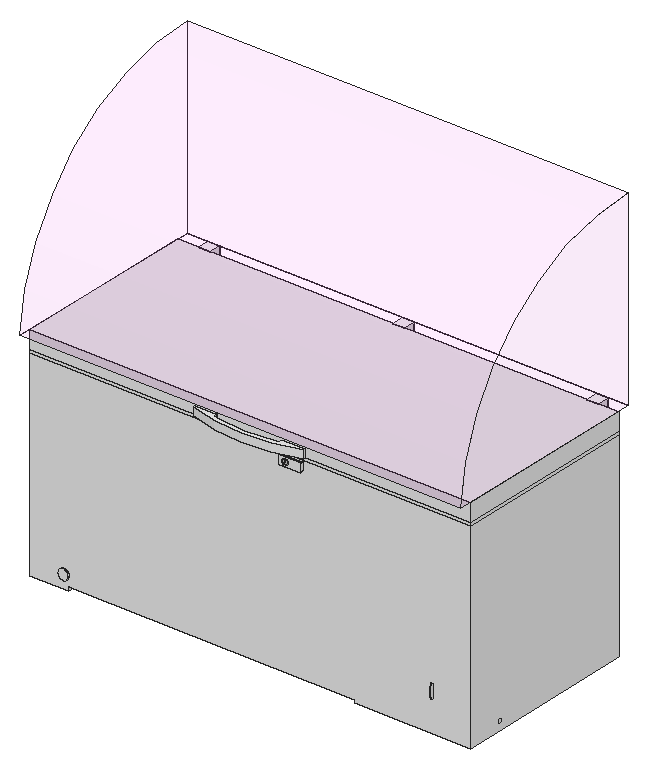
Revit family "Qf_Summit_SCFM183_17.2 Cu.Ft. Chest Freezer", category Specialty Equipment, Revit 2020
Family settings
  Round Connector Dimension = Use Diameter
  Part Type = Normal
  Work Plane-Based = No
  Always vertical = Yes
  Cut with Voids When Loaded = No
  Shared = No
  Room Calculation Point = No
Parameters
  Weight in Pounds = 170
  Watts = FL Amps * Volts  # 414 W
  Volts = 115 V
  URL Cutsheet = ""
  Specification by User = ""
  Specification by Manufacturer = ""
  Show Clearance [instance] = yes
  Show Casters [instance] = yes
  Serial Number = ""
  Seismic Rating = ""
  SMACNA No = ""
  Revision Code = ""
  Refrigerant Volume = 0.00 kip
  Refrigerant Type = "R290a"
  Phase = 1
  Number of Poles = 1
  NAFEM Spec ID Number = ""
  Model = "SCFM183"
  Min Ckt Ampacity = 0 A
  Max Overcurrent Protection = 0 A
  Masterspec = ""
  Manufacturer = "Summit"
  Length = 65 1/4"
  Item Number = ""
  Installed By = ""
  Indirect Waste Size = 0"
  Indirect Waste Flow = 0 GPM
  Indirect Waste Connection Type = ""
  Identify Quantity as Lot = yes
  Height = 32 1/2"
  HP = ""
  Furnished By = ""
  Foodservice Equipment Identifier = yes
  FL Amps = 3.6 A
  Electrical Remarks = ""
  Electric Connection Type = ""
  Elec Conn RI Height = 0"
  Elec Conn Connection Height = 0"
  Description = "17.2 Cu.Ft. Chest Freezer"
  Depth = 29 1/4"
  Default Elevation = 0"
  Cycle = 60 Hz
  Conn Plug = ""
  Conn Conduit = yes
  CSI MasterFormat = ""
  Base Height [instance] = 1/2"
  Apparent Power = 828 VA
Reference planes (in)
  plane 1: z = 0
  plane 2 "LEFT": x = 0
  plane 3 "RIGHT": x = 65.25
  plane 4 "FRONT": y = -30
  plane 5 "TOP": z = 32.5
  plane 6 "Center Y": x = 32.625
  plane 7 "Center X": y = -15.375
  plane 8 "BACK": y = -0.75
  plane 9: z = 29.5
  plane 10: z = 60.75
  plane 11: y = -31.75
  plane 12: y = -24.67613
  plane 13: z = 1.34882
  plane 14: z = 33.25
  plane 15: z = 0.5
  plane 16: x = 50.25
  plane 17: x = 62.75
  plane 18: x = 2.5
Dimensions and locks (in)
  equal spacing: plane 2 "LEFT", plane 6 "Center Y", plane 3 "RIGHT"
  "Length": plane 2 "LEFT" to plane 3 "RIGHT"
  equal spacing: plane 4 "FRONT", plane 7 "Center X", plane 8 "BACK"
  "Height": plane 5 "TOP" to level
  plane 3 "RIGHT" to plane 2 "LEFT" = 65 1/4"
  plane 5 "TOP" to level = 32 1/2"  (x2)
  "Depth": plane 4 "FRONT" to plane 8 "BACK"
  plane 10 to level = 60 3/4"
  plane 9 to level = 29 1/2"
  plane 10 to plane 14 = 27 1/2"
  plane 11 to plane 8 "BACK" = 31"
  "Base Height": plane 15 to level
  locked: plane 18 to plane 2 "LEFT" at 2.5
  plane 3 "RIGHT" to plane 17 to plane 16 = 2 1/2" locked, 12 1/2" locked
  aligned and locked: level to plane 1
  aligned and locked: plane 16 to nested 1
  aligned and locked: plane 16 to nested 2
  aligned and locked: plane 17 to nested 3
  aligned and locked: plane 17 to nested 4
  aligned and locked: plane 18 to nested 5
  aligned and locked: plane 18 to nested 6
  aligned and locked: plane 2 "LEFT" to nested 7
  aligned and locked: plane 7 "Center X" to nested 7
Nested families (in)
  nested 1: "Summit_CASTER" at (49.04688, -26.46875, 0), visible <- "Show Casters", type "Summit_CASTER"
  nested 2: "Summit_CASTER" at (49.04688, -2.84375, 0), visible <- "Show Casters", type "Summit_CASTER"
  nested 3: "Summit_CASTER" at (61.54688, -26.46875, 0), visible <- "Show Casters", type "Summit_CASTER"
  nested 4: "Summit_CASTER" at (61.54688, -2.84375, 0), visible <- "Show Casters", type "Summit_CASTER"
  nested 5: "Summit_CASTER" at (1.29688, -26.46875, 0), visible <- "Show Casters", type "Summit_CASTER"
  nested 6: "Summit_CASTER" at (1.29688, -2.84375, 0), visible <- "Show Casters", type "Summit_CASTER"
  nested 7: "Summit_SCFM183" at (0, 0, 0), type "Summit_SCFM183"
Connectors (in)
  electrical at (65.35446, -24.67613, 1.34882), driven by "Volts", driven by "Apparent Power"
    settings: on nested 7, index 1, voltage 115 V, apparent load 828 VA, apparent load phase1 0 VA, apparent load phase2 0 VA, apparent load phase3 0 VA, power factor 1, load classification "Other", number of poles 1, system type 30, power factor state 1, is connector primary yes, connector utility no, sub classification motor no, connector description "Electrical Inlet"
  piping at (5.12513, -30.15, 1.99284), diameter 1.5
    settings: on nested 7, index 2, connector inside diameter 24", connector length 0", flow factor 0, pipe flow 0 GPM, pressure drop 0.00 psi, fitting loss kfactor 0, connector angle 0.00°, fixture units 0, engagement length 0", angle of deflection 0.00°, flow configuration 1, flow direction 2, fitting loss method 0, system type 16, joint type 0, gender type 0, connector reference index -1, connector utility 0, adjustable connector no, is connector primary yes, connector description "Drain"
Definition of nested family "Summit_CASTER"
  Parameters (values of type "Summit_CASTER")
    Model = ""
    Manufacturer = ""
    Length = 2 13/32"
    Height = 1 1/2"
    Description = ""
    Depth = 1 5/32"
    Default Elevation = 0"
  Reference planes (in)
    plane 1: z = 0
    plane 2 "LEFT": x = 0
    plane 3 "RIGHT": x = 2.40625
    plane 4 "FRONT": y = -1.90625
    plane 5 "TOP": z = 1.5
    plane 6 "Center Y": x = 1.20312
    plane 7 "Center X": y = -1.32812
    plane 8 "BACK": y = -0.75
  Forms (in)
    Extrusion 1, solid
      sketch origin (-0.21921, -0.84282, 0) x (1, 0, 0) y (0, 0, 1)
        loop
          circle (1.41921, 0.525) r 0.41953
      from 0.10787 to 0.8889
    Extrusion 2, solid
      sketch origin (-0.21921, -0.84282, 0) x (1, 0, 0) y (0, 0, 1)
        loop
          line (0.21921, 1.5) -> (1.18845, 0.3333)
          arc (1.18845, 0.3333) -> (1.41921, 0.225) -> (1.64997, 0.3333) r 0.3
          line (1.64997, 0.3333) -> (2.61921, 1.5) -> (0.21921, 1.5)
      from 0 to 0.0625
    Extrusion 3, solid
      sketch origin (-0.21921, -0.84282, 0) x (1, 0, 0) y (0, 0, 1)
        loop
          line (0.37902, 1.425) -> (1.24614, 0.38122)
          arc (1.24614, 0.38122) -> (1.41921, 0.3) -> (1.59228, 0.38122) r 0.225
          line (1.59228, 0.38122) -> (2.4594, 1.425) -> (0.37902, 1.425)
      from 0 to -0.03188
    Extrusion 4, solid
      sketch origin (-0.21921, -0.84282, 0) x (1, 0, 0) y (0, 0, 1)
        loop
          circle (1.41921, 0.525) r 0.15
      from -0.08425 to 1.06343
    Extrusion 5, solid
      sketch origin (-0.21921, -0.84282, 0) x (1, 0, 0) y (0, 0, 1)
        loop
          line (0.21921, 1.5) -> (0.44642, 1.2265) -> (2.392, 1.2265) -> (2.61921, 1.5) -> (0.21921, 1.5)
      from 0.0625 to 0.92297
    Extrusion 6, solid
      sketch origin (-0.21921, -1.82829, 0) x (1, 0, 0) y (0, 0, -1)
        loop
          line (0.21921, -1.5) -> (2.61921, -1.5) -> (1.64997, -0.3333)
          arc (1.64997, -0.3333) -> (1.41921, -0.225) -> (1.18845, -0.3333) r 0.3
          line (1.18845, -0.3333) -> (0.21921, -1.5)
      from 0 to 0.0625
    Extrusion 7, solid
      sketch origin (-0.21921, -1.82829, 0) x (1, 0, 0) y (0, 0, -1)
        loop
          line (0.37902, -1.425) -> (2.4594, -1.425) -> (1.59228, -0.38122)
          arc (1.59228, -0.38122) -> (1.41921, -0.3) -> (1.24614, -0.38122) r 0.225
          line (1.24614, -0.38122) -> (0.37902, -1.425)
      from 0 to -0.03188
    Sweep 8, solid
      path origin (-0.21921, -0.84282, 0) x (1, 0, 0) y (0, 0, 1)
        loop
          circle (1.41921, 0.525) r 0.525
      profile origin (1.2, -0.84282, 1.05) x (0, 0, -1) y (0, -1, 0)
        loop
          arc (0, 0.21333) -> (0.03089, 0.13876) -> (0.10547, 0.10787) r 0.10547
          line (0.10547, 0.10787) -> (0.10547, 0.78104)
          arc (0.10547, 0.78104) -> (0.03089, 0.75014) -> (0, 0.67557) r 0.10547
          line (0, 0.67557) -> (0, 0.21333)
  Cuts and joins
    joined: Extrusion 1, Extrusion 2, Extrusion 3, Extrusion 4, Extrusion 5, Extrusion 6, Extrusion 7
  Lines and regions (in)
    symbolic lines
      curve 1: line (0, -0.84282, 0) -> (0.89366, -0.84282, 0)
      curve 2: line (0, -1.82829, 0) -> (0, -0.84282, 0)
      curve 3: line (2.4, -0.84282, 0) -> (2.4, -1.82829, 0)
      curve 4: line (0, -1.82829, 0) -> (0.89366, -1.82829, 0)
      curve 5: line (2.4, -0.84282, 0) -> (1.51259, -0.84282, 0)
      curve 6: line (2.4, -1.82829, 0) -> (1.51259, -1.82829, 0)
  Dimensions and locks (in)
    equal spacing: plane 2 "LEFT", plane 6 "Center Y", plane 3 "RIGHT"
    "Length": plane 2 "LEFT" to plane 3 "RIGHT"
    equal spacing: plane 4 "FRONT", plane 7 "Center X", plane 8 "BACK"
    "Height": plane 5 "TOP" to level
    plane 3 "RIGHT" to plane 2 "LEFT" = 2 13/32"
    plane 5 "TOP" to level = 1 1/2"
    "Depth": plane 4 "FRONT" to plane 8 "BACK"
    aligned and locked: level to plane 1
    aligned and locked: Extrusion 5 to Extrusion 2
  Automatic sketch dimensions
    Extrusion 1 sketch curve to plane 6 "Center Y" = 0.00313"
    level to Extrusion 1 sketch curve = 0.525"
    Extrusion 2 sketch curve to plane 2 "LEFT" = 0"
    Extrusion 2 sketch curve to plane 6 "Center Y" = 0.23388"
    Extrusion 2 sketch curve to plane 6 "Center Y" = 0.00313"
    plane 6 "Center Y" to Extrusion 2 sketch curve = 0.22763"
    plane 3 "RIGHT" to Extrusion 2 sketch curve = 0.00625"
    level to Extrusion 2 sketch curve = 0.3333"
    Extrusion 2 sketch curve to Extrusion 2 sketch curve = 0.1917"
    plane 2 "LEFT" to Extrusion 3 sketch curve = 0.15981"
    Extrusion 3 sketch curve to plane 6 "Center Y" = 0.17619"
    Extrusion 3 sketch curve to plane 6 "Center Y" = 0.00313"
    plane 6 "Center Y" to Extrusion 3 sketch curve = 0.16994"
    plane 3 "RIGHT" to Extrusion 3 sketch curve = 0.16606"
    level to Extrusion 3 sketch curve = 0.38122"
    Extrusion 3 sketch curve to Extrusion 3 sketch curve = 0.14378"
    Extrusion 4 sketch curve to plane 6 "Center Y" = 0.00313"
    level to Extrusion 4 sketch curve = 0.525"
    Extrusion 5 sketch curve to plane 2 "LEFT" = 0"
    plane 2 "LEFT" to Extrusion 5 sketch curve = 0.22721"
    plane 3 "RIGHT" to Extrusion 5 sketch curve = 0.23346"
    plane 3 "RIGHT" to Extrusion 5 sketch curve = 0.00625"
    Extrusion 6 sketch curve to plane 2 "LEFT" = 0"
    Extrusion 6 sketch curve to plane 6 "Center Y" = 0.23388"
    Extrusion 6 sketch curve to plane 6 "Center Y" = 0.00313"
    plane 6 "Center Y" to Extrusion 6 sketch curve = 0.22763"
    plane 3 "RIGHT" to Extrusion 6 sketch curve = 0.00625"
    level to Extrusion 6 sketch curve = 0.525"
    Extrusion 6 sketch curve to Extrusion 6 sketch curve = 0.1917"
    plane 2 "LEFT" to Extrusion 7 sketch curve = 0.15981"
    Extrusion 7 sketch curve to plane 6 "Center Y" = 0.17619"
    Extrusion 7 sketch curve to plane 6 "Center Y" = 0.00313"
    plane 6 "Center Y" to Extrusion 7 sketch curve = 0.16994"
    plane 3 "RIGHT" to Extrusion 7 sketch curve = 0.16606"
    level to Extrusion 7 sketch curve = 0.525"
    Extrusion 7 sketch curve to Extrusion 7 sketch curve = 0.14378"
    Sweep 8 sketch curve to Sweep 8 sketch curve = 0"  (x2)
    Sweep 8 sketch curve to plane 6 "Center Y" = 0.00313"
    level to Sweep 8 sketch curve = 0.525"
    Sweep 8 sketch curve to Sweep 8 sketch curve = 0.525"
    Sweep 8 sketch curve to profile plane = 0"
    Sweep 8 sketch curve to profile plane = 27/256"
    profile plane to Sweep 8 sketch curve = 0.10787"
    Sweep 8 sketch curve to Sweep 8 sketch curve = 0.46223"
    curve 1 to plane 2 "LEFT" = 0"
    plane 3 "RIGHT" to curve 5 = 0.00625"
    curve 4 to plane 4 "FRONT" = 0.07796"
    curve 6 to plane 4 "FRONT" = 0.07796"
    plane 8 "BACK" to curve 2 = 0.09282"
    plane 8 "BACK" to curve 5 = 0.09282"
    curve 1 to plane 6 "Center Y" = 0.30946"
    curve 4 to plane 6 "Center Y" = 0.30946"
    plane 6 "Center Y" to curve 5 = 0.30946"
    plane 6 "Center Y" to curve 6 = 0.30946"
    level to Extrusion 2 sketch curve = 1 1/2"
    Extrusion 3 sketch curve to Extrusion 3 sketch curve = 1.04378"
    level to Extrusion 5 sketch curve = 1.2265"
    Extrusion 5 sketch curve to Extrusion 5 sketch curve = 0.2735"
    level to Extrusion 6 sketch curve = 1 1/2"
    Extrusion 7 sketch curve to Extrusion 7 sketch curve = 1.04378"
    radius of Extrusion 1 sketch curve = 0.41953"
    radius of Extrusion 4 sketch curve = 0.15"
Definition of nested family "Summit_SCFM183"
  Parameters (values of type "Summit_SCFM183")
    Model = ""
    Manufacturer = ""
    Length = 65 1/4"
    Height = 32 1/2"
    Description = ""
    Depth = 29 1/4"
    Default Elevation = 0"
  Reference planes (in)
    plane 1: z = 0
    plane 2 "LEFT": x = 0
    plane 3 "RIGHT": x = 65.25
    plane 4 "FRONT": y = -30
    plane 5 "TOP": z = 32.5
    plane 6 "Center Y": x = 32.625
    plane 7 "Center X": y = -15.375
    plane 8 "BACK": y = -0.75
    plane 9: z = 29.5
    plane 10: z = 60.75
    plane 11: y = -31.75
    plane 12: y = -24.67613
    plane 13: z = 1.34882
    plane 14: z = 33.25
    plane 15: z = 29.875
  Forms (in)
    Extrusion 1, solid
      sketch origin (0, 0, 0) x (1, 0, 0) y (0, 1, 0)
        loop
          line (0, -2.5) -> (0, -30) -> (65.25, -30) -> (65.25, -2.5) -> (0, -2.5)
      from 0.5 to 29.875
    Extrusion 2, solid
      sketch origin (0, 0, 0) x (1, 0, 0) y (0, 1, 0)
        loop
          line (0, -2.5) -> (0, -30) -> (65.25, -30) -> (65.25, -2.5) -> (0, -2.5)
      from 29.5 to 32.5
    Extrusion 3, solid
      sketch origin (0, 0, 0) x (1, 0, 0) y (0, 1, 0)
        loop
          line (65.25, -30) -> (65.25, -2.5) -> (0, -2.5) -> (0, -30) -> (65.25, -30)
      from 29.875 to 29.5
    Extrusion 4, solid
      sketch origin (0.875, -0.75, 0) x (1, 0, 0) y (0, 0, 1)
        loop
          arc (39.52513, 27.99751) -> (39.59584, 28.0268) -> (39.62513, 28.09751) r 0.1
          line (39.62513, 28.09751) -> (39.62513, 29.15)
          arc (39.62513, 29.15) -> (39.59584, 29.22071) -> (39.52513, 29.25) r 0.1
          line (39.52513, 29.25) -> (36.47513, 29.25)
          arc (36.47513, 29.25) -> (36.40442, 29.22071) -> (36.37513, 29.15) r 0.1
          line (36.37513, 29.15) -> (36.37513, 28.09751)
          arc (36.37513, 28.09751) -> (36.40442, 28.0268) -> (36.47513, 27.99751) r 0.1
          line (36.47513, 27.99751) -> (39.52513, 27.99751)
        loop
          circle (37.25013, 28.625) r 0.4375
      from 29.25 to 29.64894
    Extrusion 5, solid
      sketch origin (23.88, -0.20959, 0) x (0, 1, 0) y (0, 0, 1)
        loop
          line (-0.54041, 32.5) -> (-0.54041, 60.74905)
          arc (-0.54041, 60.74905) -> (-21.69113, 52.82552) -> (-31.54041, 32.5) r 30.40335
          line (-31.54041, 32.5) -> (-0.54041, 32.5)
      from -23.88 to 41.37
    Extrusion 6, solid
      sketch origin (-5.25, 0, -1.09678) x (1, 0, 0) y (0, 1, 0)
        loop
          line (9.93599, -0.75) -> (8.31121, -0.75)
          arc (8.31121, -0.75) -> (8.26793, -0.76793) -> (8.25, -0.81121) r 0.06121
          line (8.25, -0.81121) -> (8.25, -2.5) -> (10, -2.5) -> (10, -0.81401)
          arc (10, -0.81401) -> (9.98125, -0.76875) -> (9.93599, -0.75) r 0.06401
      from 29.55196 to 33.59678
    Extrusion 7, solid
      sketch origin (0.875, -30.39733, -0.25) x (1, 0, 0) y (0, 0, 1)
        loop
          circle (37.25013, 28.875) r 0.4375
        loop
          line (37.21888, 29.09505) -> (37.21888, 28.76689) -> (37.28138, 28.76689) -> (37.28138, 29.09505) -> (37.21888, 29.09505)
      from 0 to -0.39733
    Extrusion 8, solid
      sketch origin (0, -3.75, -1.09678) x (1, 0, 0) y (0, 1, 0)
        loop
          line (24.5, -26.25) -> (24.5, -26.5)
          arc (24.5, -26.5) -> (32.625, -28) -> (40.75, -26.5) r 22.75521
          line (40.75, -26.5) -> (40.75, -26.25) -> (37.49893, -26.25) -> (37.49893, -26.41137)
          arc (37.49893, -26.41137) -> (37.35853, -26.79202) -> (37.0046, -26.99034) r 0.58621
          arc (37.0046, -26.99034) -> (32.625, -27.3357) -> (28.2454, -26.99034) r 27.94206
          arc (28.2454, -26.99034) -> (27.89147, -26.79202) -> (27.75107, -26.41137) r 0.58621
          line (27.75107, -26.41137) -> (27.75107, -26.25) -> (24.5, -26.25)
      from 30.97178 to 32.22178
    Extrusion 9, solid
      sketch origin (0, -0.75, 0) x (1, 0, 0) y (0, 0, 1)
        loop
          line (5.875, 0.5) -> (0, 0.5) -> (0, 0) -> (5.875, 0) -> (5.875, 0.5)
        loop
          line (48.1875, 0.5) -> (48.1875, 0) -> (65.25, 0) -> (65.25, 0.5) -> (48.1875, 0.5)
      from 1.75 to 29.25
    Extrusion 10, solid
      sketch origin (65.25, -2.5, 0) x (0, -1, 0) y (0, 0, -1)
        loop
          circle (22.17613, -1.34882) r 0.25
      from 0 to 0.10446
    Extrusion 11, solid
      sketch origin (-0.33103, -30, -0.27783) x (1, 0, 0) y (0, 0, 1)
        loop
          circle (5.45617, 2.27068) r 0.75
      from 0 to 0.15
    Extrusion 12, solid
      sketch origin (70.5, 0, -1.09678) x (-1, 0, 0) y (0, -1, 0)
        loop
          arc (9.93599, 0.75) -> (9.98125, 0.76875) -> (10, 0.81401) r 0.06401
          line (10, 0.81401) -> (10, 2.5) -> (8.25, 2.5) -> (8.25, 0.81121)
          arc (8.25, 0.81121) -> (8.26793, 0.76793) -> (8.31121, 0.75) r 0.06121
          line (8.31121, 0.75) -> (9.93599, 0.75)
      from 29.55196 to 33.59678
    Extrusion 13, solid
      sketch origin (41.75, 0, -1.09678) x (-1, 0, 0) y (0, -1, 0)
        loop
          arc (9.93599, 0.75) -> (9.98125, 0.76875) -> (10, 0.81401) r 0.06401
          line (10, 0.81401) -> (10, 2.5) -> (8.25, 2.5) -> (8.25, 0.81121)
          arc (8.25, 0.81121) -> (8.26793, 0.76793) -> (8.31121, 0.75) r 0.06121
          line (8.31121, 0.75) -> (9.93599, 0.75)
      from 29.55196 to 33.59678
    Extrusion 14, solid
      sketch origin (59.61581, -0.75, 6.50385) x (0, 0, -1) y (0, 1, 0)
        loop
          arc (-0.07053, -29.31729) -> (0.93483, -29.4942) -> (1.94323, -29.33554) r 3.10515
          line (1.94323, -29.33554) -> (1.94323, -29.25) -> (-0.07053, -29.25) -> (-0.07053, -29.31729)
      from 0 to -0.2014
  Cuts and joins
    joined: Extrusion 1, Extrusion 4, Extrusion 9, Extrusion 10, Extrusion 11
  Lines and regions (in)
    Split face 1
      outline origin (-0.1875, -30, 29.625) x (0, 0, -1) y (1, 0, 0)
        loop
          arc (22.65268, 55.67395) -> (22.69987, 55.56002) -> (22.8138, 55.51283) r 0.16112
          line (22.8138, 55.51283) -> (25.71388, 55.51283)
          arc (25.71388, 55.51283) -> (25.82781, 55.56002) -> (25.875, 55.67395) r 0.16112
          line (25.875, 55.67395) -> (25.875, 61.34468)
          arc (25.875, 61.34468) -> (25.82781, 61.45861) -> (25.71388, 61.5058) r 0.16112
          line (25.71388, 61.5058) -> (22.8138, 61.5058)
          arc (22.8138, 61.5058) -> (22.69987, 61.45861) -> (22.65268, 61.34468) r 0.16112
          line (22.65268, 61.34468) -> (22.65268, 55.67395)
    Split face 2
      outline origin (-0.1875, -30, 29.625) x (0, 0, -1) y (1, 0, 0)
        loop
          line (22.71518, 61.28218) -> (22.71518, 55.72202)
          arc (22.71518, 55.72202) -> (22.76237, 55.60809) -> (22.8763, 55.5609) r 0.16112
          line (22.8763, 55.5609) -> (25.65138, 55.5609)
          arc (25.65138, 55.5609) -> (25.76531, 55.60809) -> (25.8125, 55.72202) r 0.16112
          line (25.8125, 55.72202) -> (25.8125, 61.28218)
          arc (25.8125, 61.28218) -> (25.76531, 61.39611) -> (25.65138, 61.4433) r 0.16112
          line (25.65138, 61.4433) -> (22.8763, 61.4433)
          arc (22.8763, 61.4433) -> (22.76237, 61.39611) -> (22.71518, 61.28218) r 0.16112
    Split face 3
      outline origin (8.5, -30, 29.625) x (0, 0, -1) y (1, 0, 0)
        loop
          arc (23.55896, 47.59599) -> (23.35756, 47.3946) -> (23.55896, 47.1932) r 0.20139
          line (23.55896, 47.1932) -> (24.76733, 47.1932)
          arc (24.76733, 47.1932) -> (24.96872, 47.3946) -> (24.76733, 47.59599) r 0.20139
          line (24.76733, 47.59599) -> (23.55896, 47.59599)
    Split face 4
      outline origin (2.9375, -30, 29.625) x (0, 0, -1) y (1, 0, 0)
        loop
          arc (23.55896, 54.33936) -> (23.35756, 54.13797) -> (23.55896, 53.93657) r 0.2014
          line (23.55896, 53.93657) -> (24.76733, 53.93657)
          arc (24.76733, 53.93657) -> (24.96872, 54.13797) -> (24.76733, 54.33936) r 0.2014
          line (24.76733, 54.33936) -> (23.55896, 54.33936)
    Split face 5
      outline origin (-0.1875, -30, 29.625) x (0, 0, -1) y (1, 0, 0)
        loop
          line (23.55896, 58.04294) -> (24.76733, 58.04294)
          arc (24.76733, 58.04294) -> (24.96872, 58.24434) -> (24.76733, 58.44573) r 0.2014
          line (24.76733, 58.44573) -> (23.55896, 58.44573)
          arc (23.55896, 58.44573) -> (23.35756, 58.24434) -> (23.55896, 58.04294) r 0.2014
    Split face 6
      outline origin (-0.1875, -30, 29.625) x (0, 0, -1) y (1, 0, 0)
        loop
          circle (24.06244, 59.70274) r 1.00698
    Split face 7
      outline origin (-0.1875, -30, 29.625) x (0, 0, -1) y (1, 0, 0)
        loop
          circle (24.06244, 59.70274) r 0.95493
    symbolic lines
      curve 1: arc (23.88, -24.91355, 49.65434) -> (23.88, -29.52513, 41.95522) -> (23.88, -31.68803, 33.24517) r 30.40335
      curve 2: line (23.88, -0.75, 32.5) -> (23.88, -24.91355, 49.65434)
      curve 3: line (65.25, -30.00954, 0) -> (65.25, -2.5, 0)
      curve 4: line (65.25, -2.5, 0) -> (0, -2.5, 0)
      curve 5: line (0, -2.5, 0) -> (0, -30.00954, 0)
      curve 6: line (3, -0.8125, 0) -> (3, -2.43963, 0)
      curve 7: arc (3, -2.43963, 0) -> (3.01831, -2.48383, 0) -> (3.0625, -2.50213, 0) r 0.0625
      curve 8: line (3.0625, -2.50213, 0) -> (3.125, -2.50213, 0)
      curve 9: line (3.125, -2.50213, 0) -> (3.125, -0.75, 0)
      curve 10: line (3.125, -0.75, 0) -> (3.0625, -0.75, 0)
      curve 11: arc (3.0625, -0.75, 0) -> (3.01831, -0.76831, 0) -> (3, -0.8125, 0) r 0.0625
      curve 12: line (4.75, -2.43963, 0) -> (4.75, -0.8125, 0)
      curve 13: arc (4.75, -0.8125, 0) -> (4.73169, -0.76831, 0) -> (4.6875, -0.75, 0) r 0.0625
      curve 14: line (4.6875, -0.75, 0) -> (4.625, -0.75, 0)
      curve 15: line (4.625, -0.75, 0) -> (4.625, -2.50213, 0)
      curve 16: line (4.625, -2.50213, 0) -> (4.6875, -2.50213, 0)
      curve 17: arc (4.6875, -2.50213, 0) -> (4.73169, -2.48383, 0) -> (4.75, -2.43963, 0) r 0.0625
      curve 18: line (4.56099, -0.75, 0) -> (3.18621, -0.75, 0)
      curve 19: arc (3.18621, -0.75, 0) -> (3.14293, -0.76793, 0) -> (3.125, -0.81121, 0) r 0.06121
      curve 20: line (3.125, -0.81121, 0) -> (3.125, -2.43963, 0)
      curve 21: line (3.125, -2.43963, 0) -> (4.625, -2.43963, 0)
      curve 22: line (4.625, -2.43963, 0) -> (4.625, -0.81401, 0)
      curve 23: arc (4.625, -0.81401, 0) -> (4.60625, -0.76875, 0) -> (4.56099, -0.75, 0) r 0.06401
      curve 24: line (0, -30.00954, 0) -> (65.25, -30.00954, 0)
      curve 25: arc (37.29151, -30.65683, 0) -> (37.2958, -30.65167, 0) -> (37.29992, -30.64637, 0) r 0.2
      curve 26: line (40.75, -30.00954, 0) -> (40.75, -30.25, 0)
      curve 27: arc (24.5, -30.25, 0) -> (32.625, -31.75, 0) -> (40.75, -30.25, 0) r 22.75521
      curve 28: line (40.75, -30.25, 0) -> (40.75, -30, 0)
      curve 29: line (37.49893, -30, 0) -> (37.49893, -30.16137, 0)
      curve 30: arc (37.49893, -30.16137, 0) -> (37.35853, -30.54202, 0) -> (37.0046, -30.74034, 0) r 0.58621
      curve 31: arc (37.0046, -30.74034, 0) -> (32.625, -31.0857, 0) -> (28.2454, -30.74034, 0) r 27.94206
      curve 32: arc (28.2454, -30.74034, 0) -> (27.89147, -30.54202, 0) -> (27.75107, -30.16137, 0) r 0.58621
      curve 33: line (27.75107, -30.16137, 0) -> (27.75107, -30, 0)
      curve 34: line (24.5, -30, 0) -> (24.5, -30.25, 0)
      curve 35: line (33.5, -0.8125, 0) -> (33.5, -2.43963, 0)
      curve 36: arc (33.5, -2.43963, 0) -> (33.48169, -2.48383, 0) -> (33.4375, -2.50213, 0) r 0.0625
      curve 37: line (33.4375, -2.50213, 0) -> (33.375, -2.50213, 0)
      curve 38: line (33.375, -2.50213, 0) -> (33.375, -0.75, 0)
      curve 39: line (33.375, -0.75, 0) -> (33.4375, -0.75, 0)
      curve 40: arc (33.4375, -0.75, 0) -> (33.48169, -0.76831, 0) -> (33.5, -0.8125, 0) r 0.0625
      curve 41: line (31.75, -2.43963, 0) -> (31.75, -0.8125, 0)
      curve 42: arc (31.75, -0.8125, 0) -> (31.76831, -0.76831, 0) -> (31.8125, -0.75, 0) r 0.0625
      curve 43: line (31.8125, -0.75, 0) -> (31.875, -0.75, 0)
      curve 44: line (31.875, -0.75, 0) -> (31.875, -2.50213, 0)
      curve 45: line (31.875, -2.50213, 0) -> (31.8125, -2.50213, 0)
      curve 46: arc (31.8125, -2.50213, 0) -> (31.76831, -2.48383, 0) -> (31.75, -2.43963, 0) r 0.0625
      curve 47: line (31.93901, -0.75, 0) -> (33.31379, -0.75, 0)
      curve 48: arc (33.31379, -0.75, 0) -> (33.35707, -0.76793, 0) -> (33.375, -0.81121, 0) r 0.06121
      curve 49: line (33.375, -0.81121, 0) -> (33.375, -2.43963, 0)
      curve 50: line (33.375, -2.43963, 0) -> (31.875, -2.43963, 0)
      curve 51: line (31.875, -2.43963, 0) -> (31.875, -0.81401, 0)
      curve 52: arc (31.875, -0.81401, 0) -> (31.89375, -0.76875, 0) -> (31.93901, -0.75, 0) r 0.06401
      curve 53: line (62.25, -0.8125, 0) -> (62.25, -2.43963, 0)
      curve 54: arc (62.25, -2.43963, 0) -> (62.23169, -2.48383, 0) -> (62.1875, -2.50213, 0) r 0.0625
      curve 55: line (62.1875, -2.50213, 0) -> (62.125, -2.50213, 0)
      curve 56: line (62.125, -2.50213, 0) -> (62.125, -0.75, 0)
      curve 57: line (62.125, -0.75, 0) -> (62.1875, -0.75, 0)
      curve 58: arc (62.1875, -0.75, 0) -> (62.23169, -0.76831, 0) -> (62.25, -0.8125, 0) r 0.0625
      curve 59: line (60.5, -2.43963, 0) -> (60.5, -0.8125, 0)
      curve 60: arc (60.5, -0.8125, 0) -> (60.51831, -0.76831, 0) -> (60.5625, -0.75, 0) r 0.0625
      curve 61: line (60.5625, -0.75, 0) -> (60.625, -0.75, 0)
      curve 62: line (60.625, -0.75, 0) -> (60.625, -2.50213, 0)
      curve 63: line (60.625, -2.50213, 0) -> (60.5625, -2.50213, 0)
      curve 64: arc (60.5625, -2.50213, 0) -> (60.51831, -2.48383, 0) -> (60.5, -2.43963, 0) r 0.0625
      curve 65: line (60.68901, -0.75, 0) -> (62.06379, -0.75, 0)
      curve 66: arc (62.06379, -0.75, 0) -> (62.10707, -0.76793, 0) -> (62.125, -0.81121, 0) r 0.06121
      curve 67: line (62.125, -0.81121, 0) -> (62.125, -2.43963, 0)
      curve 68: line (62.125, -2.43963, 0) -> (60.625, -2.43963, 0)
      curve 69: line (60.625, -2.43963, 0) -> (60.625, -0.81401, 0)
      curve 70: arc (60.625, -0.81401, 0) -> (60.64375, -0.76875, 0) -> (60.68901, -0.75, 0) r 0.06401
  Dimensions and locks (in)
    equal spacing: plane 2 "LEFT", plane 6 "Center Y", plane 3 "RIGHT"
    "Length": plane 2 "LEFT" to plane 3 "RIGHT"
    equal spacing: plane 4 "FRONT", plane 7 "Center X", plane 8 "BACK"
    "Height": plane 5 "TOP" to level
    plane 3 "RIGHT" to plane 2 "LEFT" = 65 1/4"
    plane 5 "TOP" to level = 32 1/2"  (x2)
    "Depth": plane 4 "FRONT" to plane 8 "BACK"
    plane 10 to level = 60 3/4"
    plane 9 to level = 29 1/2"
    plane 10 to plane 14 = 27 1/2"
    plane 11 to plane 8 "BACK" = 31"
    Extrusion 2 to plane 4 "FRONT" = 27 1/2"
    aligned and locked: level to plane 1
    aligned and locked: Extrusion 2 to plane 5 "TOP"
    aligned and locked: Extrusion 5 to plane 2 "LEFT"
    aligned and locked: Extrusion 5 to plane 3 "RIGHT"
    aligned and locked: plane 4 "FRONT" to Extrusion 9
    aligned and locked: Extrusion 9 to cut or joined group of Extrusion 1, Extrusion 4, Extrusion 9, Extrusion 10, Extrusion 11
    aligned and locked: Extrusion 3 to plane 15
    aligned and locked: plane 9 to Extrusion 3
    aligned and locked: plane 9 to Extrusion 2
    aligned and locked: cut or joined group of Extrusion 1, Extrusion 4, Extrusion 9, Extrusion 10, Extrusion 11 to plane 15
    aligned and locked: curve 26 to Extrusion 8
    aligned and locked: Extrusion 3 to plane 3 "RIGHT"
  Automatic sketch dimensions
    curve 24 to plane 2 "LEFT" = 0"
    plane 8 "BACK" to curve 10 = 0"
    plane 8 "BACK" to curve 18 = 0"
    plane 8 "BACK" to curve 15 = 0"
    plane 4 "FRONT" to curve 33 = 0"
    plane 8 "BACK" to curve 42 = 0"
    plane 8 "BACK" to curve 52 = 0"
    curve 31 to plane 6 "Center Y" = 0"
    curve 27 to plane 6 "Center Y" = 0"
    plane 8 "BACK" to curve 38 = 0"
    plane 4 "FRONT" to curve 29 = 0"
    plane 8 "BACK" to curve 61 = 0"
    plane 8 "BACK" to curve 70 = 0"
    plane 8 "BACK" to curve 57 = 0"
    curve 4 to plane 3 "RIGHT" = 0"
    plane 4 "FRONT" to curve 34 = 0"
    plane 4 "FRONT" to curve 28 = 0"
    plane 8 "BACK" to curve 6 = 1.68963"
    curve 7 to curve 7 = 1/16"
    curve 11 to curve 11 = 1/16"
    curve 11 to curve 10 = 1/16"
    curve 20 to curve 8 = 0"
    curve 19 to curve 19 = 0.06121"
    plane 8 "BACK" to curve 23 = 0.06401"
    curve 19 to curve 23 = 1.37478"
    curve 16 to curve 21 = 0"
    curve 21 to curve 17 = 1/16"
    curve 14 to curve 14 = 1/16"
    curve 13 to curve 12 = 1/16"
    plane 4 "FRONT" to curve 33 = 0.16137"
    curve 32 to curve 32 = 0.58621"
    curve 41 to plane 6 "Center Y" = 7/8"
    curve 46 to curve 46 = 1/16"
    curve 41 to curve 43 = 1/16"
    curve 46 to curve 51 = 1/16"
    curve 42 to curve 44 = 1/16"
    curve 43 to curve 47 = 0.06401"
    plane 6 "Center Y" to curve 47 = 0.68879"
    plane 8 "BACK" to curve 49 = 0.06121"
    curve 38 to curve 48 = 0"
    curve 49 to curve 40 = 1/16"
    curve 37 to curve 37 = 1/16"
    curve 40 to curve 35 = 1/16"
    plane 4 "FRONT" to curve 30 = 0.16137"
    curve 30 to curve 25 = 0.22722"
    curve 30 to curve 29 = 0.58621"
    plane 3 "RIGHT" to curve 59 = 4 3/4"
    curve 60 to curve 61 = 1/16"
    curve 64 to curve 63 = 1/16"
    curve 64 to curve 68 = 1/16"
    curve 63 to curve 68 = 0"
    curve 61 to curve 65 = 0.06401"
    curve 65 to curve 65 = 1.37478"
    curve 65 to curve 57 = 0.06121"
    plane 8 "BACK" to curve 67 = 0.06121"
    curve 56 to curve 55 = 1/16"
    curve 56 to curve 57 = 1/16"
    curve 54 to curve 53 = 1/16"
    curve 28 to curve 28 = 1/4"
    curve 25 to curve 30 = 0.36497"
    plane 4 "FRONT" to curve 24 = 0.00954"
    plane 7 "Center X" to curve 27 = 6.38021"
    plane 8 "BACK" to curve 31 = 2.39363"
    curve 8 to curve 16 = 0"
    curve 55 to curve 58 = 1.68963"
    curve 31 to curve 45 = 0.6415"
    curve 62 to curve 55 = 0"
    curve 31 to curve 37 = 0.6415"
    plane 8 "BACK" to curve 5 = 1 3/4"
    curve 15 to curve 22 = 1/16"
    curve 62 to curve 69 = 1/16"
    curve 44 to curve 51 = 1/16"
    curve 31 to curve 32 = 0"
    curve 25 to curve 25 = 0.15157"
    curve 25 to curve 25 = 0.00841"
    curve 25 to curve 25 = 0.12002"
    Extrusion 1 sketch curve to plane 2 "LEFT" = 0"
    Extrusion 1 sketch curve to plane 3 "RIGHT" = 0"
    plane 4 "FRONT" to Extrusion 1 sketch curve = 0"
    plane 8 "BACK" to Extrusion 1 sketch curve = 1 3/4"
    Extrusion 2 sketch curve to plane 2 "LEFT" = 0"
    Extrusion 2 sketch curve to plane 3 "RIGHT" = 0"
    plane 4 "FRONT" to Extrusion 2 sketch curve = 0"
    plane 8 "BACK" to Extrusion 2 sketch curve = 1 3/4"
    plane 4 "FRONT" to Extrusion 3 sketch curve = 0"
    plane 8 "BACK" to Extrusion 3 sketch curve = 1 3/4"
    Extrusion 4 sketch curve to Extrusion 4 sketch curve = 0.1"  (x3)
    Extrusion 4 sketch curve to Extrusion 4 sketch curve = 0.775"
    plane 9 to Extrusion 4 sketch curve = 1.50249"
    plane 9 to Extrusion 4 sketch curve = 7/8"
    plane 9 to Extrusion 4 sketch curve = 0.35"
    Split face 1 sketch curve to cut or joined group of Extrusion 1, Extrusion 4, Extrusion 9, Extrusion 10, Extrusion 11 = 6.47232"
    Split face 1 sketch curve to Split face 1 sketch curve = 0.16112"  (x3)
    Split face 1 sketch curve to Split face 1 sketch curve = 2.90009"  (x2)
    Split face 1 sketch curve to cut or joined group of Extrusion 1, Extrusion 4, Extrusion 9, Extrusion 10, Extrusion 11 = 7.13783"
    Split face 1 sketch curve to cut or joined group of Extrusion 1, Extrusion 4, Extrusion 9, Extrusion 10, Extrusion 11 = 4.09282"
    Split face 2 sketch curve to cut or joined group of Extrusion 1, Extrusion 4, Extrusion 9, Extrusion 10, Extrusion 11 = 6.40982"
    Split face 2 sketch curve to Split face 2 sketch curve = 0.16112"  (x3)
    Split face 2 sketch curve to Split face 2 sketch curve = 2.77509"  (x2)
    Split face 2 sketch curve to cut or joined group of Extrusion 1, Extrusion 4, Extrusion 9, Extrusion 10, Extrusion 11 = 7.1859"
    Split face 2 sketch curve to cut or joined group of Extrusion 1, Extrusion 4, Extrusion 9, Extrusion 10, Extrusion 11 = 4.15532"
    Split face 3 sketch curve to cut or joined group of Extrusion 1, Extrusion 4, Extrusion 9, Extrusion 10, Extrusion 11 = 5.56604"
    Split face 3 sketch curve to Split face 3 sketch curve = 1.20837"
    Split face 3 sketch curve to cut or joined group of Extrusion 1, Extrusion 4, Extrusion 9, Extrusion 10, Extrusion 11 = 7.5057"
    Split face 3 sketch curve to Split face 3 sketch curve = 0.2014"
    Split face 4 sketch curve to cut or joined group of Extrusion 1, Extrusion 4, Extrusion 9, Extrusion 10, Extrusion 11 = 5.56604"
    Split face 4 sketch curve to Split face 4 sketch curve = 1.20837"
    Split face 4 sketch curve to cut or joined group of Extrusion 1, Extrusion 4, Extrusion 9, Extrusion 10, Extrusion 11 = 8.37593"
    Split face 4 sketch curve to Split face 4 sketch curve = 0.2014"
    Split face 5 sketch curve to cut or joined group of Extrusion 1, Extrusion 4, Extrusion 9, Extrusion 10, Extrusion 11 = 5.56604"
    Split face 5 sketch curve to Split face 5 sketch curve = 1.20837"
    Split face 5 sketch curve to cut or joined group of Extrusion 1, Extrusion 4, Extrusion 9, Extrusion 10, Extrusion 11 = 7.39456"
    Split face 5 sketch curve to Split face 5 sketch curve = 0.2014"
    Split face 6 sketch curve to cut or joined group of Extrusion 1, Extrusion 4, Extrusion 9, Extrusion 10, Extrusion 11 = 5.06256"
    Split face 6 sketch curve to cut or joined group of Extrusion 1, Extrusion 4, Extrusion 9, Extrusion 10, Extrusion 11 = 5.73476"
    Split face 7 sketch curve to cut or joined group of Extrusion 1, Extrusion 4, Extrusion 9, Extrusion 10, Extrusion 11 = 5.06256"
    Split face 7 sketch curve to cut or joined group of Extrusion 1, Extrusion 4, Extrusion 9, Extrusion 10, Extrusion 11 = 5.73476"
    plane 8 "BACK" to Extrusion 6 sketch curve = 0"
    Extrusion 6 sketch curve to Extrusion 6 sketch curve = 0.06121"
    Extrusion 6 sketch curve to Extrusion 6 sketch curve = 1.62478"
    Extrusion 6 sketch curve to Extrusion 6 sketch curve = 0.06401"
    Extrusion 6 sketch curve to Extrusion 6 sketch curve = 1.68599"
    plane 9 to Extrusion 7 sketch curve = 0.65495"
    Extrusion 7 sketch curve to Extrusion 7 sketch curve = 1/32"
    Extrusion 7 sketch curve to Extrusion 7 sketch curve = 1/16"
    Extrusion 7 sketch curve to Extrusion 7 sketch curve = 0.22005"
    Extrusion 7 sketch curve to Extrusion 7 sketch curve = 0.10811"
    plane 4 "FRONT" to Extrusion 8 sketch curve = 0"  (x2)
    Extrusion 8 sketch curve to plane 6 "Center Y" = 0"  (x2)
    plane 4 "FRONT" to Extrusion 8 sketch curve = 0.16137"  (x2)
    Extrusion 8 sketch curve to Extrusion 8 sketch curve = 0.58621"  (x2)
    Extrusion 8 sketch curve to Extrusion 8 sketch curve = 1/4"
    plane 7 "Center X" to Extrusion 8 sketch curve = 6.38021"
    plane 8 "BACK" to Extrusion 8 sketch curve = 2.39363"
    Extrusion 8 sketch curve to Extrusion 8 sketch curve = 0"
    Extrusion 9 sketch curve to plane 2 "LEFT" = 0"
    Extrusion 9 sketch curve to level = 0"  (x2)
    plane 3 "RIGHT" to Extrusion 9 sketch curve = 0"
    level to Extrusion 9 sketch curve = 1/2"  (x2)
    Extrusion 1 to Extrusion 10 sketch curve = 0.84882"
    Extrusion 1 to Extrusion 10 sketch curve = 5.32387"
    plane 8 "BACK" to Extrusion 12 sketch curve = 0"
    plane 3 "RIGHT" to Extrusion 12 sketch curve = 3"
    Extrusion 12 sketch curve to Extrusion 12 sketch curve = 0.06121"
    Extrusion 12 sketch curve to Extrusion 12 sketch curve = 1.62478"
    Extrusion 12 sketch curve to Extrusion 12 sketch curve = 0.06401"
    Extrusion 12 sketch curve to Extrusion 12 sketch curve = 1.68879"
    plane 8 "BACK" to Extrusion 13 sketch curve = 0"
    plane 6 "Center Y" to Extrusion 13 sketch curve = 7/8"
    Extrusion 13 sketch curve to Extrusion 13 sketch curve = 0.06121"
    Extrusion 13 sketch curve to plane 6 "Center Y" = 0.81099"
    Extrusion 13 sketch curve to plane 6 "Center Y" = 7/8"
    Extrusion 13 sketch curve to Extrusion 13 sketch curve = 1.68879"
    Extrusion 14 sketch curve to plane 4 "FRONT" = 0"
    Extrusion 14 sketch curve to plane 13 = 5.22556"
    Extrusion 14 sketch curve to Extrusion 14 sketch curve = 1.0335"
    Extrusion 14 sketch curve to Extrusion 14 sketch curve = 2.01376"
    Extrusion 14 sketch curve to Extrusion 14 sketch curve = 0.06729"
    Extrusion 14 sketch curve to Extrusion 14 sketch curve = 0.08554"
    plane 2 "LEFT" to curve 6 = 3"
    plane 2 "LEFT" to Extrusion 3 sketch curve = 0"
    plane 2 "LEFT" to Extrusion 6 sketch curve = 3"
    plane 2 "LEFT" to Extrusion 9 sketch curve = 5 7/8"
    plane 4 "FRONT" to curve 34 = 1/4"
    curve 34 to curve 33 = 3.25107"
    curve 30 to curve 27 = 3.83728"
    Extrusion 3 sketch curve to plane 3 "RIGHT" = 0"
    plane 6 "Center Y" to Extrusion 4 sketch curve = 4.62513"
    plane 9 to Extrusion 4 sketch curve = 1/4"
    Extrusion 4 sketch curve to Extrusion 4 sketch curve = 2.275"
    plane 6 "Center Y" to Extrusion 7 sketch curve = 5.46888"
    Extrusion 8 sketch curve to plane 6 "Center Y" = 4.28772"
    Extrusion 8 sketch curve to Extrusion 8 sketch curve = 3.25107"
    plane 6 "Center Y" to Extrusion 8 sketch curve = 4.28772"
    plane 4 "FRONT" to Extrusion 8 sketch curve = 1/4"
    plane 6 "Center Y" to Extrusion 9 sketch curve = 15 9/16"
    Extrusion 5 sketch curve to plane 5 "TOP" = 0"
    Extrusion 5 sketch curve to plane 8 "BACK" = 0"
    Extrusion 5 sketch curve to plane 15 = 0.47814"
    plane 10 to Extrusion 5 sketch curve = 0.00095"
    Extrusion 5 sketch curve to plane 11 = 0"
    curve 2 to plane 5 "TOP" = 0"
    curve 2 to plane 8 "BACK" = 0"
    plane 8 "BACK" to curve 1 = 0.67254"
    plane 12 to curve 2 = 0.23741"
    curve 1 to plane 15 = 0.47814"
    plane 10 to curve 2 = 11.09566"
    curve 1 to plane 14 = 0.00483"
    radius of Extrusion 4 sketch curve = 7/16"
    radius of Split face 6 sketch curve = 1.00698"
    radius of Split face 7 sketch curve = 0.95493"
    radius of Extrusion 7 sketch curve = 7/16"
    radius of Extrusion 10 sketch curve = 1/4"
